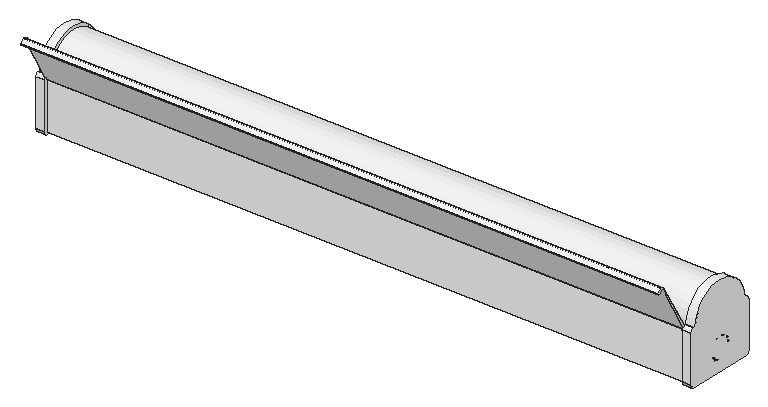
Revit family "0045188+0045232 Feilo Sylvania Lighting Fixture SYLBATTEN LED1 NW DALI TP5 with ASYMMETRIC REFLECTOR ACCESSORY 600MM", category Lighting Fixtures, host Face, Revit 2017
Family settings
  Host = Face
  Round Connector Dimension = Use Diameter
  Part Type = Normal
  OmniClass Number = 23.80.70.00
  OmniClass Title = Lighting
  Cut with Voids When Loaded = No
  Light Source = Yes
  Shared = No
  Room Calculation Point = No
Parameters (values of type "0045188 SYLBATTEN LED1 NW DALI TP5")
  Width_FEILO = 66 mm
  Weight = "1.5 kg"
  Wattage Comments = "n/a"
  Wattage = 11 W
  WarrantyStartDate [instance] = "n/a"
  WarrantyGuarantorParts = "n/a"
  WarrantyDurationUnit = "n/a"
  WarrantyDurationParts = "n/a"
  WarrantyDescription = "n/a"
  built-in parameter 1150110 = 1 (stored number, unit not read)
  Voltage = 230 V
  URL = "http://www.sylvania-lighting.com"
  TypeName = "SYLBATTEN LED1 NW DALI TP5"
  Type Image = <None>
  Type Comments = "n/a"
  built-in parameter 1114217 = 1 (stored number, unit not read)
  Tilt Angle = -90.00°
  built-in parameter 1150109 = 1 (stored number, unit not read)
  built-in parameter 1150134 = 12
  SymReflector_FEILO = no
  built-in parameter 1150113 = 1 (stored number, unit not read)
  SerialNumber [instance] = "n/a"
  PowerFactor = 0
  PowerConsumption = "11 W"
  Photometric Web File = "0045188+0045232.ies"
  NominalLength = 605 mm
  NominalHeight = 76 mm
  NominalDepth = 66 mm
  Name = "SYLBATTEN LED1 NW DALI TP5"
  ModelReference = Name  # "SYLBATTEN LED1 NW DALI TP5"
  ModelNumber = "0045188"
  Model = Name  # "SYLBATTEN LED1 NW DALI TP5"
  Material_4_FEILO = Reflector-Sylvania-Sylbatten-White
  Material_3_FEILO = Diffuser-Sylvania-Sylbatten-Glow
  Material_2_FEILO = Body-Sylvania-Sylbatten-White
  Material_1_FEILO = Body-Sylvania-Sylbatten-White
  Material = "sheet steel housing, polycarbonate diffuser"
  ManufacturerName = "Feilo Sylvania"
  Manufacturer = "Feilo Sylvania"
  LuminousEfficacy = "105.2 lm/W"
  built-in parameter 1150105 = 92.148 (stored number, unit not read)
  Lumens = 1157.97 lm
  LuminaireType = ""
  built-in parameter 1150115 = 1 (stored number, unit not read)
  LightOutputRatio = "100"
  built-in parameter 1150137 = (empty or 0)
  built-in parameter 1150139 = (empty or 0)
  Length_FEILO = 605 mm
  LampsType = Lamp  # "LED"
  LampNominalLuminous = "1158 lm"
  LampMacAdamStep = "n/a"
  LampColourTemperature = "4000 K"
  LampColourRenderingIndex = "80"
  built-in parameter 1150112 = 1 (stored number, unit not read)
  built-in parameter 1150114 = 1 (stored number, unit not read)
  Lamp = "LED"
  Keynote = "16500"
  InstallationDate [instance] = "n/a"
  InputVoltage = "220-240V~"
  InputNominalFrequency = "n/a"
  built-in parameter 1150132 = (empty or 0)
  built-in parameter 1150102 = (empty or 0)
  built-in parameter 1150107 = 4000 (stored number, unit not read)
  built-in parameter 1150138 = (empty or 0)
  IngressProtection = "IP20"
  ImpactProtectionIndex = "IK07"
  built-in parameter 1150106 = 0.92148 (stored number, unit not read)
  IfcExportType = "IfcLightFixtureType"
  IfcExportAs = "IfcLightFixtureType"
  Height_FEILO = 76 mm
  ExpectedLife = 50000
  Emit from Rectangle Width = Length_FEILO - 16 mm  # 589 mm
  Emit from Rectangle Length = Width_FEILO - 40 mm  # 26 mm
  Emit Shape Visible in Rendering = no
  ElectricShockClassification = "Class I"
  built-in parameter 1150104 = 9.7799 (stored number, unit not read)
  DurationUnit = "hours"
  DocumentationLiterature = "http://www.sylvania-lighting.com/product/en-int/products/0045188"
  DimmingControlOptions = "Dimmable"
  Dimming Lamp Color Temperature Shift = <None>
  Description = "LED batten, T8 replacement, ease of installation through 2 part push-in design of the housing (safety cable included), through wiring capability (TP5 = 5 core), sheet steel, 1158LM, 11W, 105lm/W, 4000K, drive current: 350mA, CRI 80, 138° wide beam angle, DALI dimmable, IP20, IK07, 50,000 hrs (L70), (LxWxH) 605x66x76mm, 5 step MacAdam ellipse, 1.8kg, white RAL 9016, Class 1, 220-240V, energy class: A++, A+, A."
  Default Elevation = 1219.2 mm
  CreatedOn = "2/22/2018"
  CreatedBy = ""
  Cost = 0
  Color Filter = 16777215
  built-in parameter 1114216 [instance] = (empty or 0)
  ClassificationValue = "EF_70_80"
  ClassificationName = "Uniclass2015"
  CapOffset_FEILO = 2 mm
  BarCode [instance] = "n/a"
  built-in parameter 1114218 = 1 (stored number, unit not read)
  BackReflector_FEILO = and(not(AsymReflector_FEILO), SymReflector_FEILO)  # no
  built-in parameter 1150133 = 10 (stored number, unit not read)
  FrontReflector_FEILO = or(AsymReflector_FEILO, SymReflector_FEILO)  # yes
  AsymReflector_FEILO = yes
  AssetType = "Fixed"
  AssetIdentifier [instance] = "n/a"
  Assembly Code = "D5020200"
  Apparent Load = 11 VA
Reference planes
  plane 1 "Center (Front/Back)": y = 0
  plane 2: z = 0
  plane 3 "Center (Left/Right)": x = 0
  plane 4: x = 302.5
  plane 5: x = -302.5
  plane 6: y = 33
  plane 7: y = -33
  plane 8: z = 76
  plane 9: z = 47
  plane 10: y = -29
  plane 11: y = 29
  plane 12: z = 20
  plane 13: z = 74
  plane 14: y = -31
  plane 15: y = -27
  plane 16: y = 27
  plane 17: y = 31
  plane 18: z = 2
  plane 19: x = -294.5
  plane 20: x = 294.5
  plane 21: z = 49
  plane 22: y = 1
  plane 23: y = -1
  plane 24: z = 21
  plane 25: z = 19
  plane 26: y = -61
  plane 27: y = 61
  plane 28: y = -56
  plane 29: y = 56
  plane 30: z = 91
  plane 31: z = 88
Forms (mm)
  Extrusion 1, solid, material "Body-Sylvania-Sylbatten-White" <- "Material_2_FEILO"
    sketch origin (0, 0, 0) x (0, 1, 0) y (0, 0, 1)
      loop
        line (-31, 2) -> (31, 2) -> (31, 45)
        arc (31, 45) -> (30.414, 46.414) -> (29, 47) r 2
        line (29, 47) -> (27, 47)
        arc (27, 47) -> (0, 74) -> (-27, 47) r 27
        line (-27, 47) -> (-29, 47)
        arc (-29, 47) -> (-30.414, 46.414) -> (-31, 45) r 2
        line (-31, 45) -> (-31, 2)
    from -294.5 to 294.5
  Extrusion 2, solid, material "Body-Sylvania-Sylbatten-White" <- "Material_2_FEILO"
    sketch origin (302.5, 1524, 1219.2) x (0, 1, 0) y (0, 0, 1)
      loop
        arc (-1494, -1219.2) -> (-1491.879, -1218.321) -> (-1491, -1216.2) r 3
        line (-1491, -1216.2) -> (-1491, -1173.2)
        arc (-1491, -1173.2) -> (-1491.879, -1171.079) -> (-1494, -1170.2) r 3
        line (-1494, -1170.2) -> (-1495.069, -1170.2)
        arc (-1495.069, -1170.2) -> (-1524, -1143.2) -> (-1552.931, -1170.2) r 29
        line (-1552.931, -1170.2) -> (-1554, -1170.2)
        arc (-1554, -1170.2) -> (-1556.121, -1171.079) -> (-1557, -1173.2) r 3
        line (-1557, -1173.2) -> (-1557, -1216.2)
        arc (-1557, -1216.2) -> (-1556.121, -1218.321) -> (-1554, -1219.2) r 3
        line (-1554, -1219.2) -> (-1494, -1219.2)
      loop
        arc (-1525, -1189.25) -> (-1531.071, -1192.129) -> (-1533.95, -1198.2) r 10
        line (-1533.95, -1198.2) -> (-1532.944, -1198.2)
        arc (-1532.944, -1198.2) -> (-1530.364, -1192.836) -> (-1525, -1190.256) r 9
        line (-1525, -1190.256) -> (-1525, -1189.25)
      loop
        arc (-1523, -1190.256) -> (-1517.636, -1192.836) -> (-1515.056, -1198.2) r 9
        line (-1515.056, -1198.2) -> (-1514.05, -1198.2)
        arc (-1514.05, -1198.2) -> (-1516.929, -1192.129) -> (-1523, -1189.25) r 10
        line (-1523, -1189.25) -> (-1523, -1190.256)
      loop
        line (-1532.944, -1200.2) -> (-1533.95, -1200.2)
        arc (-1533.95, -1200.2) -> (-1531.071, -1206.271) -> (-1525, -1209.15) r 10
        line (-1525, -1209.15) -> (-1525, -1208.144)
        arc (-1525, -1208.144) -> (-1530.364, -1205.564) -> (-1532.944, -1200.2) r 9
      loop
        arc (-1515.056, -1200.2) -> (-1517.636, -1205.564) -> (-1523, -1208.144) r 9
        line (-1523, -1208.144) -> (-1523, -1209.15)
        arc (-1523, -1209.15) -> (-1516.929, -1206.271) -> (-1514.05, -1200.2) r 10
        line (-1514.05, -1200.2) -> (-1515.056, -1200.2)
    from 0 to -8
  Extrusion 3, solid, material "Body-Sylvania-Sylbatten-White" <- "Material_2_FEILO"
    sketch origin (-302.5, 1524, 1219.2) x (0, 1, 0) y (0, 0, 1)
      loop
        arc (-1495.069, -1170.2) -> (-1524, -1143.2) -> (-1552.931, -1170.2) r 29
        line (-1552.931, -1170.2) -> (-1554, -1170.2)
        arc (-1554, -1170.2) -> (-1556.121, -1171.079) -> (-1557, -1173.2) r 3
        line (-1557, -1173.2) -> (-1557, -1216.2)
        arc (-1557, -1216.2) -> (-1556.121, -1218.321) -> (-1554, -1219.2) r 3
        line (-1554, -1219.2) -> (-1494, -1219.2)
        arc (-1494, -1219.2) -> (-1491.879, -1218.321) -> (-1491, -1216.2) r 3
        line (-1491, -1216.2) -> (-1491, -1173.2)
        arc (-1491, -1173.2) -> (-1491.879, -1171.079) -> (-1494, -1170.2) r 3
        line (-1494, -1170.2) -> (-1495.069, -1170.2)
      loop
        line (-1533.95, -1198.2) -> (-1532.944, -1198.2)
        arc (-1532.944, -1198.2) -> (-1530.364, -1192.836) -> (-1525, -1190.256) r 9
        line (-1525, -1190.256) -> (-1525, -1189.25)
        arc (-1525, -1189.25) -> (-1531.071, -1192.129) -> (-1533.95, -1198.2) r 10
      loop
        line (-1523, -1189.25) -> (-1523, -1190.256)
        arc (-1523, -1190.256) -> (-1517.636, -1192.836) -> (-1515.056, -1198.2) r 9
        line (-1515.056, -1198.2) -> (-1514.05, -1198.2)
        arc (-1514.05, -1198.2) -> (-1516.929, -1192.129) -> (-1523, -1189.25) r 10
      loop
        line (-1514.05, -1200.2) -> (-1515.056, -1200.2)
        arc (-1515.056, -1200.2) -> (-1517.636, -1205.564) -> (-1523, -1208.144) r 9
        line (-1523, -1208.144) -> (-1523, -1209.15)
        arc (-1523, -1209.15) -> (-1516.929, -1206.271) -> (-1514.05, -1200.2) r 10
      loop
        line (-1525, -1209.15) -> (-1525, -1208.144)
        arc (-1525, -1208.144) -> (-1530.364, -1205.564) -> (-1532.944, -1200.2) r 9
        line (-1532.944, -1200.2) -> (-1533.95, -1200.2)
        arc (-1533.95, -1200.2) -> (-1531.071, -1206.271) -> (-1525, -1209.15) r 10
    from 0 to 8
  Extrusion 4, solid, material "Reflector-Sylvania-Sylbatten-White" <- "Material_4_FEILO", visible <- "FrontReflector_FEILO"
    sketch origin (0, 0, 0) x (0, 1, 0) y (0, 0, 1)
      loop
        line (-61.257, 88.429) -> (-60.743, 87.571) -> (-56.621, 90.044)
        arc (-56.621, 90.044) -> (-56.237, 90.099) -> (-55.929, 89.863) r 0.5
        line (-55.929, 89.863) -> (-31.435, 46.753) -> (-30.565, 47.247) -> (-55.312, 90.802)
        arc (-55.312, 90.802) -> (-55.928, 91.275) -> (-56.696, 91.165) r 1
        line (-56.696, 91.165) -> (-61.257, 88.429)
    from -294.5 to 294.5
  Extrusion 5, solid, material "Reflector-Sylvania-Sylbatten-White" <- "Material_4_FEILO", visible <- "BackReflector_FEILO"
    sketch origin (0, 0, 0) x (0, 1, 0) y (0, 0, 1)
      loop
        line (30.565, 47.247) -> (31.435, 46.753) -> (55.932, 89.868)
        arc (55.932, 89.868) -> (56.245, 90.112) -> (56.638, 90.062) r 0.518
        line (56.638, 90.062) -> (61.033, 87.565) -> (61.527, 88.435) -> (56.682, 91.188)
        arc (56.682, 91.188) -> (55.922, 91.282) -> (55.318, 90.812) r 1
        line (55.318, 90.812) -> (30.565, 47.247)
    from -294.5 to 294.5
Lines and regions (mm)
  reference lines
    curve 1: line (0, -61, 88) -> (0, -56, 91)
    curve 2: line (0, -56, 91) -> (0, -31, 47)
    curve 3: line (0, 31, 47) -> (0, 56, 91)
    curve 4: line (0, 56, 91) -> (0, 61.28, 88)
Dimensions and locks
  equal spacing: plane 5, plane 3 "Center (Left/Right)", plane 4
  equal spacing: plane 7, plane 1 "Center (Front/Back)", plane 6
  "Width_FEILO": plane 7 to plane 6
  "Length_FEILO": plane 5 to plane 4
  "Height_FEILO": plane 8 to plane 2
  locked: plane 9 to plane 8 at 29
  equal spacing: plane 10, plane 1 "Center (Front/Back)", plane 11
  locked: plane 7 to plane 10 at 4
  locked: plane 12 to plane 2 at 20
  "CapOffset_FEILO": plane 13 to plane 8
  "CapOffset_FEILO": plane 7 to plane 14
  "CapOffset_FEILO": plane 10 to plane 15
  "CapOffset_FEILO": plane 17 to plane 6
  "CapOffset_FEILO": plane 16 to plane 11
  "CapOffset_FEILO": plane 18 to plane 2
  locked: plane 14 to Extrusion 1 sketch curve at 2
  locked: Extrusion 1 sketch curve to plane 9 at 2  (x2)
  locked: plane 16 to Extrusion 1 sketch curve at 2
  equal spacing: plane 19, plane 3 "Center (Left/Right)", plane 20
  locked: plane 5 to plane 19 at 8
  "CapOffset_FEILO": plane 9 to plane 21
  locked: Extrusion 2 sketch curve to plane 2 at 47
  locked: Extrusion 1 sketch curve to plane 2 at 47
  locked: Extrusion 2 sketch curve to plane 2 at 3  (x2)
  locked: plane 7 to Extrusion 2 sketch curve at 3  (x2)
  locked: Extrusion 2 sketch curve to plane 6 at 3  (x2)
  locked: Extrusion 2 sketch curve to plane 21 at 3  (x2)
  equal spacing: plane 23, plane 1 "Center (Front/Back)", plane 22
  equal spacing: plane 25, plane 12, plane 24
  plane 30 to plane 31 to plane 2 = 3 mm locked, 88 mm locked
  plane 28 to plane 29 = 112 mm
  plane 26 to plane 27 = 122 mm
  aligned and locked: plane 2 to host face
  aligned and locked: level to host face
  aligned and locked: plane 18 to Extrusion 1 sketch curve
  aligned and locked: plane 14 to Extrusion 1 sketch curve
  aligned and locked: Extrusion 1 sketch curve to plane 9  (x2)
  aligned and locked: Extrusion 1 sketch curve to plane 17
  aligned and locked: plane 15 to Extrusion 1 sketch curve
  aligned and locked: plane 16 to Extrusion 1 sketch curve
  aligned and locked: plane 9 to Extrusion 1 sketch curve
  aligned and locked: plane 20 to Extrusion 1
  aligned and locked: level to Extrusion 2 sketch curve
  aligned and locked: Extrusion 2 sketch curve to plane 7
  aligned and locked: plane 21 to Extrusion 2 sketch curve
  aligned and locked: Extrusion 2 sketch curve to plane 21
  aligned and locked: plane 1 "Center (Front/Back)" to Extrusion 2 sketch curve  (x3)
  aligned and locked: Extrusion 2 to Extrusion 1
  aligned and locked: plane 4 to Extrusion 2
  aligned and locked: plane 12 to Extrusion 2 sketch curve  (x2)
  aligned and locked: Extrusion 2 sketch curve to plane 22
  aligned and locked: Extrusion 2 sketch curve to plane 23
  aligned and locked: Extrusion 2 sketch curve to plane 24
  aligned and locked: Extrusion 2 sketch curve to plane 25
  aligned and locked: plane 25 to Extrusion 2 sketch curve
  aligned and locked: plane 22 to Extrusion 2 sketch curve
  aligned and locked: plane 24 to Extrusion 2 sketch curve
  aligned and locked: plane 23 to Extrusion 2 sketch curve  (x2)
  aligned and locked: Extrusion 3 sketch curve to Extrusion 2  (x22)
  aligned and locked: Extrusion 3 to Extrusion 1
  aligned and locked: Extrusion 3 to plane 5
  aligned and locked: plane 19 to Extrusion 3
  aligned and locked: plane 31 to curve 1
  aligned and locked: plane 30 to curve 1
  aligned and locked: plane 14 to curve 2
  aligned and locked: plane 9 to curve 2
  aligned and locked: plane 17 to curve 3
  aligned and locked: plane 30 to curve 3
  aligned and locked: plane 31 to curve 4
  aligned and locked: Extrusion 4 sketch curve to curve 2
  aligned and locked: Extrusion 4 sketch curve to curve 1
  aligned and locked: Extrusion 4 to Extrusion 1
  aligned and locked: Extrusion 1 to Extrusion 4
  aligned and locked: imposter light to plane 1 "Center (Front/Back)"
  aligned and locked: imposter light to plane 3 "Center (Left/Right)"
  aligned and locked: imposter light to plane 13
  aligned and locked: Extrusion 5 sketch curve to curve 4
  aligned and locked: Extrusion 5 sketch curve to curve 3
  aligned and locked: Extrusion 1 to Extrusion 5
  aligned and locked: Extrusion 5 to Extrusion 1
Automatic sketch dimensions
  host sketch curve to host sketch curve = 2438.4 mm  (x2)
  Extrusion 2 sketch curve to Extrusion 2 sketch curve = 0 mm  (x14)
  Extrusion 2 sketch curve to plane 10 = 0.069 mm
  plane 23 to Extrusion 2 sketch curve = 8.95 mm
  Extrusion 2 sketch curve to Extrusion 2 sketch curve = 1.006 mm  (x4)
  Extrusion 2 sketch curve to plane 22 = 7.944 mm
  curve 1 to plane 26 = 0 mm
  curve 2 to plane 28 = 0 mm
  curve 4 to plane 29 = 0 mm
  plane 9 to curve 3 = 0 mm
  plane 26 to Extrusion 4 sketch curve = 0.257 mm
  Extrusion 4 sketch curve to plane 26 = 0.257 mm
  Extrusion 4 sketch curve to plane 30 = 0.165 mm
  plane 28 to Extrusion 4 sketch curve = 0.696 mm
  plane 28 to Extrusion 4 sketch curve = 0.621 mm
  plane 28 to Extrusion 4 sketch curve = 0.364 mm
  plane 28 to Extrusion 4 sketch curve = 0.182 mm
  Extrusion 4 sketch curve to plane 28 = 0.071 mm
  plane 30 to Extrusion 4 sketch curve = 0.198 mm
  Extrusion 4 sketch curve to plane 28 = 0.688 mm
  plane 9 to Extrusion 4 sketch curve = 0.247 mm
  plane 1 "Center (Front/Back)" to Extrusion 4 sketch curve = 31.435 mm
  Extrusion 5 sketch curve to plane 9 = 0.247 mm
  Extrusion 5 sketch curve to plane 1 "Center (Front/Back)" = 30.565 mm
  plane 9 to Extrusion 5 sketch curve = 0.247 mm
  plane 30 to Extrusion 5 sketch curve = 0.188 mm
  plane 29 to Extrusion 5 sketch curve = 0.068 mm
  Extrusion 5 sketch curve to plane 29 = 0.188 mm
  Extrusion 5 sketch curve to plane 29 = 0.382 mm
  Extrusion 5 sketch curve to Extrusion 5 sketch curve = 0.256 mm
  Extrusion 5 sketch curve to plane 30 = 0.188 mm
  Extrusion 5 sketch curve to plane 29 = 0.682 mm
  Extrusion 5 sketch curve to plane 27 = 0.033 mm
  Extrusion 5 sketch curve to plane 27 = 0.527 mm
Connectors
  electrical at (0, 0, 0), driven by "Apparent Load", driven by "PowerFactor", driven by "Voltage"
    settings: index 1, voltage 230 V, apparent load 11 VA, apparent load phase1 0 VA, apparent load phase2 0 VA, apparent load phase3 0 VA, power factor 0, load classification "Lighting", number of poles 1, system type 30, power factor state 1, is connector primary yes, connector utility no, sub classification motor no, connector description ""
